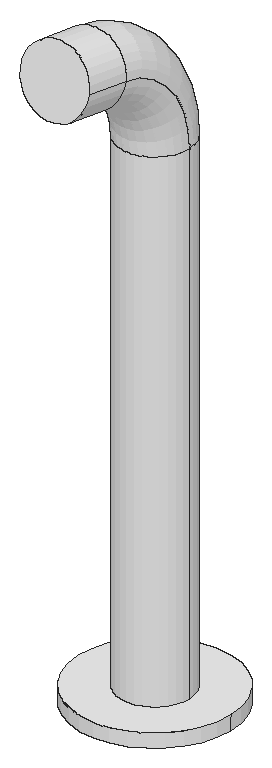
Revit family "CL10015-C5A_CLARK ROUND BASIN BATH OUTLET 220MM", category Plumbing Fixtures, host Face, Revit 2015
Parameters (values of type "CLARK ROUND BASIN BATH OUTLET 220MM - Chrome")
  Waste Connection = no
  WELSRating_ANZRS = "5 Star"
  Vent Connection = no
  URL = "https://www.clark.com.au/"
  Model = "CL10015.C5A"
  Material_Base = GWA_Metal-Chrome
  Manufacturer = "GWA Bathrooms & Kitchens"  # constant formula
  HW Connection = yes
  Description = "CLARK ROUND BASIN BATH OUTLET 220MM"
  Default Elevation = 900 mm
  CreatedBy_ANZRS = "GWA Bathrooms & Kitchens"  # constant formula
  CW Connection = yes
  Assembly Code = "C1030220"
Types (3, lengths in mm): name | Model | Material_Base
  (no name) | "CL10015.C5A" | GWA_Metal-Chrome
  CLARK ROUND BASIN BATH OUTLET 220MM - Chrome | "CL10015.C5A" | GWA_Metal-Chrome
  CLARK ROUND BASIN BATH OUTLET 220MM - Black | "CL10015.B5A" | GWA-Metal-Black
Reference planes
  plane 1 "Center (Front/Back)": y = 0
  plane 2: z = 0
  plane 3 "Center (Left/Right)": x = 0
Forms (mm)
  Extrusion 1, solid, material "GWA_Metal-Chrome" <- "Material_Base"
    sketch origin (0, 0, 0) x (1, 0, 0) y (0, 1, 0)
      loop
        circle (0, 0) r 27.5
    from 0 to 5
  Sweep 2, solid, material "GWA_Metal-Chrome" <- "Material_Base"
    path origin (0, 0, 0) x (0, 1, 0) y (0, 0, 1)
      loop
        line (0, 5) -> (0, 182.697)
        arc (0, 182.697) -> (-8.188, 205.194) -> (-28.922, 217.165) r 35
        line (-28.922, 217.165) -> (-45, 220)
    profile origin (0, 0, 93.848) x (0, -1, 0) y (1, 0, 0)
      loop
        circle (0, 0) r 12.5
Lines and regions (mm)
  Masking region 1
    outline origin (0, 0, 0) x (1, 0, 0) y (0, 1, 0)
      loop
        arc (12.5, -24.495) -> (0, 27.5) -> (-12.5, -24.495) r 27.5
        line (-12.5, -24.495) -> (-12.5, -45)
        spline (-12.5, -45) -> (-12.074, -45.569) -> (-10.825, -46.1) -> (-8.839, -46.556) -> (-6.25, -46.905) -> (-3.235, -47.125) -> (0, -47.2) -> (3.235, -47.125) -> (6.25, -46.905) -> (8.839, -46.556) -> (10.825, -46.1) -> (12.074, -45.569) -> (12.5, -45)
        line (12.5, -45) -> (12.5, -24.495)
  Masking region 2
    outline origin (0, 0, 0) x (0, 1, 0) y (0, 0, 1)
      loop
        line (-42.829, 232.31) -> (-47.171, 207.69) -> (-31.093, 204.855)
        arc (-31.093, 204.855) -> (-17.764, 197.16) -> (-12.5, 182.697) r 22.5
        line (-12.5, 182.697) -> (-12.5, 5) -> (-27.5, 5) -> (-27.5, 0) -> (27.5, 0) -> (27.5, 5) -> (12.5, 5) -> (12.5, 182.697)
        arc (12.5, 182.697) -> (1.387, 213.229) -> (-26.752, 229.475) r 47.5
        line (-26.752, 229.475) -> (-42.829, 232.31)
  Masking region 3
    outline origin (0, 0, 0) x (1, 0, 0) y (0, 0, 1)
      loop
        line (-27.5, 0) -> (27.5, 0) -> (27.5, 5) -> (12.5, 5) -> (12.5, 220)
        arc (12.5, 220) -> (0, 232.5) -> (-12.5, 220) r 12.5
        line (-12.5, 220) -> (-12.5, 5) -> (-27.5, 5) -> (-27.5, 0)
  symbolic lines
    curve 1: spline (-12.5, -45, 0) -> (-12.074, -45.569, 0) -> (-10.825, -46.1, 0) -> (-8.839, -46.556, 0) -> (-6.25, -46.905, 0) -> (-3.235, -47.125, 0) -> (0, -47.2, 0) -> (3.235, -47.125, 0) -> (6.25, -46.905, 0) -> (8.839, -46.556, 0) -> (10.825, -46.1, 0) -> (12.074, -45.569, 0) -> (12.5, -45, 0)
    curve 2: spline (-12.5, -45, 0) -> (-12.074, -44.431, 0) -> (-10.825, -43.9, 0) -> (-8.839, -43.444, 0) -> (-6.25, -43.095, 0) -> (-3.235, -42.875, 0) -> (0, -42.8, 0) -> (3.235, -42.875, 0) -> (6.25, -43.095, 0) -> (8.839, -43.444, 0) -> (10.825, -43.9, 0) -> (12.074, -44.431, 0) -> (12.5, -45, 0)
    curve 3: line (12.5, -24.495, 0) -> (12.5, 0, 0)
    curve 4: arc (12.5, 0, 0) -> (0, 12.5, 0) -> (-12.5, 0, 0) r 12.5
    curve 5: line (-12.5, 0, 0) -> (-12.5, -24.495, 0)
    curve 6: line (0, -12.5, 5) -> (0, 12.5, 5)
    curve 7: line (12.5, 0, 5) -> (-12.5, 0, 5)
Dimensions and locks
  aligned and locked: plane 2 to host face
  aligned and locked: level to host face
Connectors
  piping at (0, 0, 0), diameter 20
    settings: index 1, connector inside diameter 609.6 mm, connector length 0 mm, flow factor 0, pipe flow 0.0 L/s, pressure drop 0.0 Pa, fitting loss kfactor 0, connector angle 0.00°, fixture units 0, engagement length 0 mm, angle of deflection 0.00°, flow configuration 3, flow direction 1, fitting loss method 0, system type 19, joint type 0, gender type 0, connector reference index -1, connector utility 0, adjustable connector no, is connector primary yes, connector description ""
